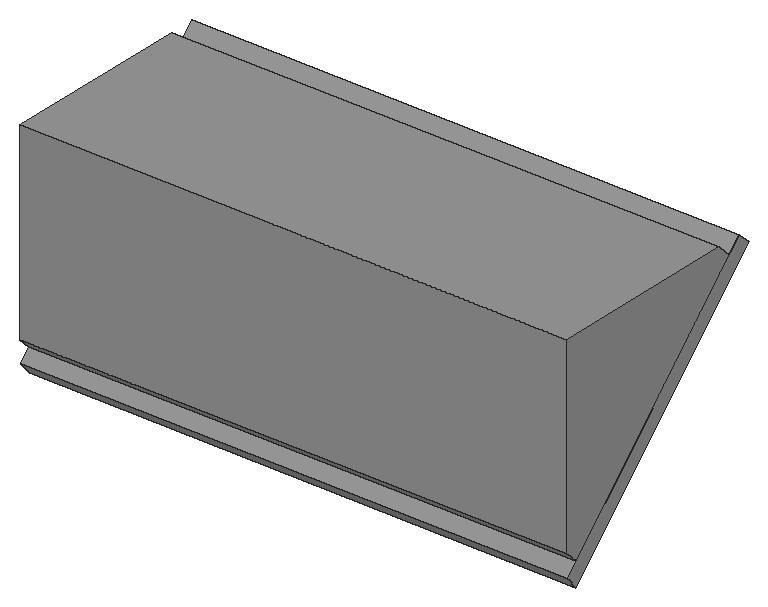
Revit family "MARIONA_21W_3000K_1300LM_BLANC", category Lighting Fixtures, host Wall, Revit 2021
Family settings
  Host = Wall
  Round Connector Dimension = Use Diameter
  Part Type = Normal
  OmniClass Number = 23.80.70.00
  OmniClass Title = Lighting
  Always vertical = Yes
  Cut with Voids When Loaded = No
  Light Source = Yes
  Shared = No
  Room Calculation Point = No
Parameters (values of type "Type 1")
  Wattage = 8.75174 W
  built-in parameter 1150110 = 1 (stored number, unit not read)
  Type de lampe = "2835 SMD LED"
  Type = "Applique murale"
  built-in parameter 1114217 = 1 (stored number, unit not read)
  built-in parameter 1150109 = 1 (stored number, unit not read)
  built-in parameter 1150134 = (empty or 0)
  built-in parameter 1150113 = 1 (stored number, unit not read)
  Puissance nominale = "21W"
  Matériau = "ABS"
  Lumens = 1300 lm
  built-in parameter 1150115 = 1 (stored number, unit not read)
  built-in parameter 1150105 = 413.8 (stored number, unit not read)
  Light Source Symbol Size = 609.6 mm
  built-in parameter 1150137 = (empty or 0)
  built-in parameter 1150139 = (empty or 0)
  built-in parameter 1150112 = 1 (stored number, unit not read)
  built-in parameter 1150114 = 1 (stored number, unit not read)
  built-in parameter 1150132 = 2
  built-in parameter 1150102 = (empty or 0)
  built-in parameter 1150138 = (empty or 0)
  built-in parameter 1150107 = 3000 (stored number, unit not read)
  built-in parameter 1150106 = 4.138 (stored number, unit not read)
  Fintion = "Blanc"
  Emit from Line Length = 609.6 mm
  built-in parameter 1150104 = 13.8 (stored number, unit not read)
  Driver = "Driver Kegu 500mA"
  Dimming Lamp Color Temperature Shift = <None>
  Dimensions = "320 x 133 x 134 mm"
  Diffuseur = "Polycarbonate"
  Default Elevation = 0 mm
  Color Filter = 16777215
  built-in parameter 1114218 = 1 (stored number, unit not read)
  built-in parameter 1150133 = 10 (stored number, unit not read)
  Alimentation luminaire = "300mA"
  Alimentation Driver = "AC 220-240V"
Reference planes
  plane 1: y = 0
  plane 2 "Light Source Axis (L/R)": x = 125
  plane 3 "Light Source Axis (F/R)": y = 1000.784
  plane 4 "Light Source Elevation": z = 1856.6
Forms (mm)
  Extrusion 1, solid, material "Acrylic"
    sketch origin (125, 0, 0) x (0, 1, 0) y (0, 0, 1)
      loop
        line (193.101, 1926.539) -> (185.64, 1934) -> (75, 1934) -> (75, 1821.458) -> (81.51, 1814.948) -> (193.101, 1926.539)
    from -160 to 160
  Extrusion 2, solid, material "Acrylic"
    sketch origin (125, 0.215, -6.454) x (0, 1, 0) y (0, 0, 1)
      loop
        line (207.336, 1933.336) -> (200.282, 1940.39) -> (74.941, 1815.049) -> (81.502, 1807.502) -> (207.336, 1933.336)
    from -160 to 160
  Extrusion 3, void
    sketch origin (125, 0.215, -6.454) x (0, 1, 0) y (0, 0, 1)
      loop
        line (215.445, 1921.555) -> (201.27, 1935.73) -> (79.344, 1813.803) -> (93.519, 1799.628) -> (215.445, 1921.555)
    from -151.719 to 150.519
  Extrusion 4, solid, material "Glass, White, High Luminance"
    sketch origin (125, 0.215, -6.454) x (0, 1, 0) y (0, 0, 1)
      loop
        line (204.806, 1932.194) -> (82.879, 1810.268) -> (84.217, 1808.929) -> (206.144, 1930.856) -> (204.806, 1932.194)
    from -151.719 to 150.519
Cuts and joins
  Extrusion 3 cuts Extrusion 2
Lines and regions (mm)
  reference lines
    curve 1: line (125, 1000.784, 1785) -> (-35, 1000.784, 1785)
    curve 2: line (-35, 1000.784, 1785) -> (-35, 1000.784, 1919)
    curve 3: line (-35, 1000.784, 1919) -> (285, 1000.784, 1919)
    curve 4: line (285, 1000.784, 1919) -> (285, 1000.784, 1785)
    curve 5: line (285, 1000.784, 1785) -> (125, 1000.784, 1785)
    curve 6: line (125, 75, 1800) -> (125, 208, 1800)
    curve 7: line (125, 208, 1800) -> (125, 208, 1934)
    curve 8: line (125, 208, 1934) -> (125, 75, 1934)
Text (mm)
  text "Placement side" at (-1787.139, 1116.779, 0), in view "Ref. Level"
  text "Placement side" at (0, 296.899, 2986.058), in view "Left"
  text "Placement side" at (0, 628.478, 3011.967), in view "Right"
Dimensions and locks
  aligned and locked: plane 1 to host wall
  aligned and locked: plane 2 "Light Source Axis (L/R)" to imposter light
